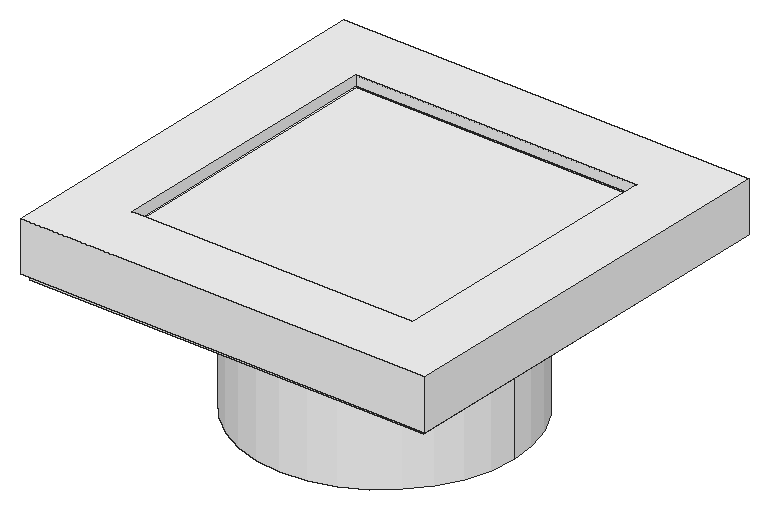
Revit family "Gira_228203", category Electrical Fixtures, host Face, Revit 2017
Family settings
  Host = Face
  Maintain Annotation Orientation = Yes
  Round Connector Dimension = Use Diameter
  Part Type = Normal
  Cut with Voids When Loaded = No
  Shared = No
  Room Calculation Point = No
Parameters (values of type "Speaker RDS FM radio System 55 p.white")
  White [instance] = White
  URL = "http://katalog.gira.de/en/datenblatt.html?artikelnr=228203"
  Type of fastening = "Mounting with claw and screw"
  Surface protection = "Other"
  Surface finishing = "Glossy"
  RAL-number (akin) = "9010"
  Name = "Speaker RDS FM radio System 55 p.white"
  Mounting method = "Flush mounted (plaster)"
  Model = "Radio"
  Material quality = "Other"
  Material = "Other"
  Manufacturer URL = "https://www.gira.de/"
  Manufacturer = "Gira"
  HeinzeBIM = "https://bimportal.heinze.de/bim/speaker-rds-fm-radio-system-55-p-white/dab982c8373f6ce121e564af653b5a752f21be49"
  Halogen free = "Yes"
  HAN = "228203"
  GTIN = "4010337076247"
  Description = "Spk.FM radio RDS Sys55 PW,Speaker for the RDS flush-mounted radio,,pure white glossy,Features:,- Speaker for connection to the Gira RDS flush-mounted radio."
  Default Elevation = 1219.2 mm
  Data sheet (1) = "https://katalog.gira.de/en/download.html?artikelnr=228203"
  Colour = "White"
  Category = "Electronic insert for domestic switching devices"
  BIM (1) = "https://media.stage.bim.site/public/gira/36a6b08/Sys55_Komplettgerät_Schalten und Tasten.rfa?public/gira/36a6b08/Sys55_Komplettgerät_Schalten und Tasten.rfa"
  Available = "No"
  Assembly arrangement = "Basic element with housing top"
Reference planes
  plane 1 "Center (Front/Back)": y = 0
  plane 2: z = 0
  plane 3 "Center (Left/Right)": x = 0
Forms (mm)
  Extrusion 1, solid, material "White" <- "White", detail levels medium
    sketch origin (0, 0, 0) x (1, 0, 0) y (0, 1, 0)
      loop
        line (-40.4, 40.4) -> (-40.4, -40.4) -> (40.4, -40.4) -> (40.4, 40.4) -> (-40.4, 40.4)
      loop
        line (-28, 28) -> (-28, -28) -> (28, -28) -> (28, 28) -> (-28, 28)
    from 0 to 10
  Extrusion 2, solid, material "White" <- "White", detail levels fine
    sketch origin (0, 0, 0) x (1, 0, 0) y (0, 1, 0)
      loop
        line (-40.4, 40.4) -> (-40.4, -40.4) -> (40.4, -40.4) -> (40.4, 40.4) -> (-40.4, 40.4)
      loop
        line (-28, 28) -> (-28, -28) -> (28, -28) -> (28, 28) -> (-28, 28)
    from 0 to 10
  Extrusion 3, void
    sketch origin (0, 0, 0) x (1, 0, 0) y (0, 1, 0)
      loop
        line (-38.4, 38.4) -> (-38.4, -38.4) -> (38.4, -38.4) -> (38.4, 38.4) -> (-38.4, 38.4)
    from 0 to 8
  Extrusion 4, solid, material "White" <- "White", detail levels medium+fine
    sketch origin (0, 0, 0) x (1, 0, 0) y (0, 1, 0)
      loop
        line (-39.4, 39.4) -> (-39.4, -39.4) -> (39.4, -39.4) -> (39.4, 39.4) -> (-39.4, 39.4)
    from 0 to -1
  Extrusion 5, solid, material "White" <- "White", detail levels medium+fine
    sketch origin (0, 0, 0) x (1, 0, 0) y (0, 1, 0)
      loop
        line (-35.5, 35.5) -> (-35.5, -35.5) -> (35.5, -35.5) -> (35.5, 35.5) -> (-35.5, 35.5)
    from -2 to -3
  Extrusion 6, solid, material "White" <- "White", detail levels medium+fine
    sketch origin (0, 0, 0) x (1, 0, 0) y (0, 1, 0)
      loop
        circle (0, 0) r 26
    from 0 to -27.5
  Extrusion 7, solid, material "White" <- "White", detail levels coarse
    sketch origin (0, 0, 0) x (1, 0, 0) y (0, 1, 0)
      loop
        line (-40.4, 40.4) -> (-40.4, -40.4) -> (40.4, -40.4) -> (40.4, 40.4) -> (-40.4, 40.4)
    from -27.5 to 10
Cuts and joins
  Extrusion 3 cuts Extrusion 2
Dimensions and locks
  aligned and locked: plane 2 to host face
  aligned and locked: level to host face
  aligned and locked: plane 3 "Center (Left/Right)" to nested 2
  aligned and locked: plane 1 "Center (Front/Back)" to nested 2
Nested families
  nested 1: "Sys55_Abdeckung_Schalten und Tasten_floor_base" at (0, 0, 0), type "Sys55_Abdeckung_Schalten und Tasten_floor_base"
  nested 2: "Schalter" at (0, 0, 0), type "Schalter"
Connectors
  electrical at (0, 0, -27.5)
    settings: on Extrusion 6, index 1, voltage 220 V, apparent load 0 VA, apparent load phase1 0 VA, apparent load phase2 0 VA, apparent load phase3 0 VA, power factor 1, load classification "Other", number of poles 1, system type 30, power factor state 1, is connector primary yes, connector utility no, sub classification motor no, connector description ""
Definition of nested family "Sys55_Abdeckung_Schalten und Tasten_floor_base"
  Parameters
    Default Elevation = 1219.2 mm
    White [instance] = none
  Reference planes
    plane 1 "Center (Front/Back)": y = 0
    plane 2: z = 0
    plane 3 "Center (Left/Right)": x = 0
  Forms (mm)
    Extrusion 1, solid
      sketch origin (0, 0, 0) x (1, 0, 0) y (0, 1, 0)
        loop
          line (-1219.2, 1219.2) -> (-1219.2, -1219.2) -> (1219.2, -1219.2) -> (1219.2, 1219.2) -> (-1219.2, 1219.2)
      from 0 to -304.8
    Extrusion 2, solid, material <- "White", detail levels fine
      sketch origin (0, 0, 0) x (1, 0, 0) y (0, 1, 0)
        loop
          line (-27.5, 27.5) -> (-27.5, -27.5) -> (27.5, -27.5) -> (27.5, 27.5) -> (-27.5, 27.5)
      from 0 to 8
    Extrusion 3, void
      sketch origin (0, 0, 0) x (1, 0, 0) y (0, 1, 0)
        loop
          line (26, 26) -> (-26, 26) -> (-26, -26) -> (26, -26) -> (26, 26)
      from 0 to 6
    Extrusion 4, solid, material <- "White", detail levels medium
      sketch origin (0, 0, 0) x (1, 0, 0) y (0, 1, 0)
        loop
          line (-27.5, 27.5) -> (-27.5, -27.5) -> (27.5, -27.5) -> (27.5, 27.5) -> (-27.5, 27.5)
      from 0 to 8
    Extrusion 5, solid, material <- "White", detail levels medium
      sketch origin (0, 0, 0) x (1, 0, 0) y (0, 1, 0)
        loop
          line (11, -17.5) -> (11, 17.5) -> (-11, 17.5) -> (-11, -17.5) -> (11, -17.5)
      from -6 to 6
    Extrusion 6, solid, material <- "White", detail levels fine
      sketch origin (0, 0, 0) x (1, 0, 0) y (0, 1, 0)
        loop
          line (11, 17.5) -> (-11, 17.5) -> (-11, 16.5) -> (11, 16.5) -> (11, 17.5)
        loop
          line (-11, -16.5) -> (-11, -17.5) -> (11, -17.5) -> (11, -16.5) -> (-11, -16.5)
      from -4 to 6
    Extrusion 7, solid, material <- "White", detail levels fine
      sketch origin (0, 0, 0) x (1, 0, 0) y (0, 1, 0)
        loop
          arc (5, 9.347) -> (0, 10.6) -> (-5, 9.347) r 10.6
          line (-5, 9.347) -> (-5, -9.347)
          arc (-5, -9.347) -> (0, -10.6) -> (5, -9.347) r 10.6
          line (5, -9.347) -> (5, 9.347)
      from -6 to 6
    Extrusion 8, solid, material <- "White", detail levels coarse
      sketch origin (0, 0, 0) x (1, 0, 0) y (0, 1, 0)
        loop
          line (-27.5, 27.5) -> (-27.5, -27.5) -> (27.5, -27.5) -> (27.5, 27.5) -> (-27.5, 27.5)
      from -6 to 8
  Cuts and joins
    Extrusion 3 cuts Extrusion 2
  Dimensions and locks
    aligned and locked: plane 2 to Extrusion 1
    aligned and locked: level to Extrusion 1
Definition of nested family "Schalter"
  Reference planes
    plane 1: y = 0
    plane 2: x = 0
  Lines and regions (mm)
    detail lines
      curve 1: circle (1.375, 2.778, 0) r 0.8 normal (0, 0, 1)
      curve 2: line (1.021, 2.061, 0) -> (0, 0, 0)
      curve 3: line (0, 0, 0) -> (-0.538, 0.266, 0)
  Dimensions and locks
    curve 2 to curve 2 = 2.3 mm
    curve 3 to curve 2 = 0.6 mm
    radius of curve 1 = 0.8 mm
